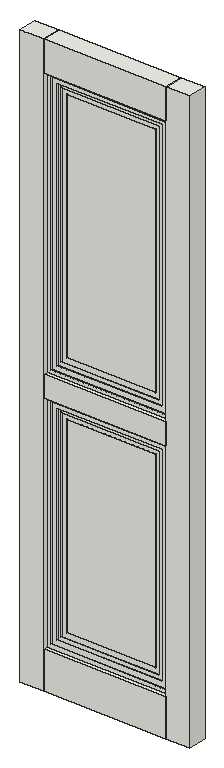
Revit family "composite-exterior-raised-panel-shutters", category Casework, Revit 2024
Family settings
  OmniClass Number = 23.40.35.00
  OmniClass Title = Casework
  Work Plane-Based = No
  Always vertical = Yes
  Cut with Voids When Loaded = No
  Shared = No
  Room Calculation Point = No
Parameters
  URL = "https://royalcorinthian.com/architectural-exterior-shutters/"
  Type Comments = "SHUTTERS"  # constant formula
  TOP RAIL HEIGHT = 3 1/4"
  SIDE RAIL WIDTH = 2 1/2"
  Model = "EXTERIOR RAISED PANEL SHUTTERS"  # constant formula
  Manufacturer = "Royal Corinthian"  # constant formula
  MATERIAL = PVC - White
  Description = "COMPOSITE EXTERIOR RAISED PANEL SHUTTERS"
  Depth = 2"
  Height = 62"
  Width = 18"
  Default Elevation = 0"
  CENTER RAIL LOCATION = 29"
  CENTER RAIL HEIGHT = 2 1/4"
  BOTTOM RAIL HEIGHT = 4"
Reference planes (in)
  plane 1: z = 0
  plane 2 "Center (Left/Right)": x = 1.75986
  plane 3 "Top": z = 62
  plane 4: y = -10.47093
  plane 5: y = -9.47093
  plane 6: y = -11.47093
  plane 7: x = -7.24014
  plane 8: x = 10.75986
  plane 9: x = -4.74014
  plane 10: x = 8.25986
  plane 11: z = 29
  plane 12: z = 58.75
  plane 13: z = 27.875
  plane 14: z = 4
  plane 15: z = 30.125
Dimensions and locks (in)
  "Height": level to plane 3 "Top"
  equal spacing: plane 5, plane 4, plane 6
  "Depth": plane 5 to plane 6
  "Width": plane 7 to plane 8
  equal spacing: plane 7, plane 2 "Center (Left/Right)", plane 8
  "SIDE RAIL WIDTH": plane 7 to plane 9
  "SIDE RAIL WIDTH": plane 10 to plane 8
  "CENTER RAIL LOCATION": plane 11 to plane 1
  equal spacing: plane 15, plane 11, plane 13
  locked: plane 3 "Top" to plane 12 at 3.25
  locked: plane 14 to plane 1 at 4
  "CENTER RAIL HEIGHT": plane 15 to plane 13
  aligned and locked: level to plane 1
  aligned and locked: plane 7 to nested 1
  aligned and locked: nested 2 to plane 8
  aligned and locked: nested 1 to plane 7
  aligned and locked: plane 4 to nested 3
  aligned and locked: nested 3 to plane 9
  aligned and locked: nested 3 to plane 11
  aligned and locked: nested 4 to plane 3 "Top"
  aligned and locked: nested 5 to plane 1
  aligned and locked: plane 10 to nested 5
  aligned and locked: plane 10 to nested 4
  aligned and locked: plane 10 to nested 3
  aligned and locked: plane 14 to nested 5
  aligned and locked: plane 13 to nested 3
  aligned and locked: plane 15 to nested 3
  aligned and locked: plane 12 to nested 4
  aligned and locked: nested 6 to plane 9
  aligned and locked: plane 13 to nested 6
  aligned and locked: plane 14 to nested 6
  aligned and locked: plane 10 to nested 6
  aligned and locked: plane 15 to nested 7
  aligned and locked: plane 12 to nested 7
  aligned and locked: plane 10 to nested 7
  aligned and locked: nested 7 to plane 9
Nested families (in)
  nested 1: "SIDES-HEADS" at (-7.75, 0.37117, 0), DEPTH <- "Depth", Height <- "Height", WIDTH <- "SIDE RAIL WIDTH", MATERIAL <- "MATERIAL", type "SIDES-HEADS 3"
    with WIDTH 2 1/2", MATERIAL PVC - White, Height 62", DEPTH 2"
  nested 2: "SIDES-HEADS" at (7.75, 0.37117, 0), DEPTH <- "Depth", Height <- "Height", WIDTH <- "SIDE RAIL WIDTH", MATERIAL <- "MATERIAL", type "SIDES-HEADS 3"
    with WIDTH 2 1/2", MATERIAL PVC - White, Height 62", DEPTH 2"
  nested 3: "SIDES-HEADS" at (-4.74014, 0.37117, 30.75986) x (0, 0, -1) z (1, 0, 0), DEPTH <- "Depth", WIDTH <- "CENTER RAIL HEIGHT", MATERIAL <- "MATERIAL", type "SIDES-HEADS 3"
    with WIDTH 2 1/4", MATERIAL PVC - White, Height 13", DEPTH 2"
  nested 4: "SIDES-HEADS" at (-4.74014, 0.37117, 62.13486) x (0, 0, -1) z (1, 0, 0), DEPTH <- "Depth", WIDTH <- "TOP RAIL HEIGHT", MATERIAL <- "MATERIAL", type "SIDES-HEADS 3"
    with WIDTH 3 1/4", MATERIAL PVC - White, Height 13", DEPTH 2"
  nested 5: "SIDES-HEADS" at (-4.74014, 0.37117, 3.75986) x (0, 0, -1) z (1, 0, 0), DEPTH <- "Depth", WIDTH <- "BOTTOM RAIL HEIGHT", MATERIAL <- "MATERIAL", type "SIDES-HEADS 3"
    with WIDTH 4", MATERIAL PVC - White, Height 13", DEPTH 2"
  nested 6: "FRENCH PANEL" at (1.75986, -10.47093, 25.24705), MATERIAL <- "MATERIAL", type "FRENCH PANEL"
    with w 13", n 30, h 23 7/8", MATERIAL PVC - White
  nested 7: "FRENCH PANEL" at (1.75986, -10.47093, 53.74705), MATERIAL <- "MATERIAL", type "FRENCH PANEL"
    with w 13", n 36, h 28 5/8", MATERIAL PVC - White
Definition of nested family "SIDES-HEADS"
  Parameters (values of type "SIDES-HEADS 3")
    WIDTH [instance] = 12.92126"
    MATERIAL [instance] = none
    Depth = 2"  # constant formula
    Height [instance] = 4"
    Width = 2.53937"
    Default Elevation = 48"
    DEPTH [instance] = 7.30373"
  Reference planes (in)
    plane 1: z = 0
    plane 2 "Center (Left/Right)": x = 1.75986
    plane 3: z = 4
    plane 4: y = -10.84209
    plane 5: x = -4.70077
    plane 6: x = 8.22049
    plane 7: y = -14.49396
    plane 8: y = -7.19023
  Forms (in)
    Extrusion 1, solid, material <- "MATERIAL"
      sketch origin (0, 0, 0) x (1, 0, 0) y (0, 1, 0)
        loop
          line (-4.70077, -14.49396) -> (8.22049, -14.49396) -> (8.22049, -7.19023) -> (-4.70077, -7.19023) -> (-4.70077, -14.49396)
      from 0 to 4
  Lines and regions (in)
    model lines, not visible
      curve 1: line (7.18925, 143.95917, 0) -> (7.18925, 143.15137, 0)
      curve 2: line (7.18925, 143.15137, 0) -> (-5.31665, 143.15137, 0)
      curve 3: line (-5.31665, 143.15137, 0) -> (-5.31665, 143.95917, 0)
      curve 4: line (-4.92295, 31.95917, 0) -> (-4.92295, 44.07613, 0)
      curve 5: line (-4.92295, 44.07613, 0) -> (-4.3324, 44.68198, 0)
      curve 6: line (6.89398, 143.15137, 0) -> (6.88503, 143.05512, 0)
      curve 7: line (6.88503, 143.05512, 0) -> (6.86552, 142.96052, 0)
      curve 8: line (6.86552, 142.96052, 0) -> (6.8357, 142.8688, 0)
      curve 9: line (6.8357, 142.8688, 0) -> (6.79596, 142.78112, 0)
      curve 10: line (6.79596, 142.78112, 0) -> (6.7468, 142.69863, 0)
      curve 11: line (6.7468, 142.69863, 0) -> (6.68885, 142.62237, 0)
      curve 12: line (6.68885, 142.62237, 0) -> (6.62287, 142.55333, 0)
      curve 13: line (6.62287, 142.55333, 0) -> (6.54969, 142.49239, 0)
      curve 14: line (6.54969, 142.49239, 0) -> (6.47027, 142.44034, 0)
      curve 15: line (6.47027, 142.44034, 0) -> (6.38561, 142.39784, 0)
      curve 16: line (6.38561, 142.39784, 0) -> (6.29681, 142.36545, 0)
      curve 17: line (6.29681, 142.36545, 0) -> (6.205, 142.34357, 0)
      curve 18: line (6.205, 142.34357, 0) -> (-4.3324, 142.34357, 0)
      curve 19: line (-4.3324, 142.34357, 0) -> (-4.4242, 142.36545, 0)
      curve 20: line (-4.4242, 142.36545, 0) -> (-4.51301, 142.39784, 0)
      curve 21: line (-4.51301, 142.39784, 0) -> (-4.59766, 142.44034, 0)
      curve 22: line (-4.59766, 142.44034, 0) -> (-4.67709, 142.49239, 0)
      curve 23: line (-4.67709, 142.49239, 0) -> (-4.75027, 142.55333, 0)
      curve 24: line (-4.75027, 142.55333, 0) -> (-4.81625, 142.62237, 0)
      curve 25: line (-4.81625, 142.62237, 0) -> (-4.87419, 142.69863, 0)
      curve 26: line (-4.87419, 142.69863, 0) -> (-4.92335, 142.78112, 0)
      curve 27: line (-4.92335, 142.78112, 0) -> (-4.9631, 142.8688, 0)
      curve 28: line (-4.9631, 142.8688, 0) -> (-4.99292, 142.96052, 0)
      curve 29: line (-4.99292, 142.96052, 0) -> (-5.01243, 143.05512, 0)
      curve 30: line (-5.01243, 143.05512, 0) -> (-5.02138, 143.15137, 0)
      curve 31: line (6.79555, 31.95917, 0) -> (6.79555, 44.07613, 0)
      curve 32: line (6.79555, 44.07613, 0) -> (6.205, 44.68198, 0)
      curve 33: line (6.205, 44.68198, 0) -> (-4.3324, 44.68198, 0)
      curve 34: line (-4.3324, 44.68198, 0) -> (-4.45977, 44.69918, 0)
      curve 35: line (-4.45977, 44.69918, 0) -> (-4.57846, 44.74962, 0)
      curve 36: line (-4.57846, 44.74962, 0) -> (-4.68038, 44.82985, 0)
      curve 37: line (-4.68038, 44.82985, 0) -> (-4.75859, 44.93442, 0)
      curve 38: line (-4.75859, 44.93442, 0) -> (-4.80776, 45.05618, 0)
      curve 39: line (-4.80776, 45.05618, 0) -> (-4.82453, 45.18685, 0)
      curve 40: line (-4.82453, 45.18685, 0) -> (-4.80776, 45.31753, 0)
      curve 41: line (-4.80776, 45.31753, 0) -> (-4.75859, 45.43929, 0)
      curve 42: line (-4.75859, 45.43929, 0) -> (-4.68038, 45.54385, 0)
      curve 43: line (-4.68038, 45.54385, 0) -> (-4.57846, 45.62409, 0)
      curve 44: line (-4.57846, 45.62409, 0) -> (-4.45977, 45.67452, 0)
      curve 45: line (-4.45977, 45.67452, 0) -> (-4.3324, 45.69173, 0)
      curve 46: line (-4.3324, 45.69173, 0) -> (6.205, 45.69173, 0)
      curve 47: line (6.205, 45.69173, 0) -> (6.33237, 45.67452, 0)
      curve 48: line (6.33237, 45.67452, 0) -> (6.45107, 45.62409, 0)
      curve 49: line (6.45107, 45.62409, 0) -> (6.55299, 45.54385, 0)
      curve 50: line (6.55299, 45.54385, 0) -> (6.6312, 45.43929, 0)
      curve 51: line (6.6312, 45.43929, 0) -> (6.68036, 45.31753, 0)
      curve 52: line (6.68036, 45.31753, 0) -> (6.69713, 45.18685, 0)
      curve 53: line (6.69713, 45.18685, 0) -> (6.68036, 45.05618, 0)
      curve 54: line (6.68036, 45.05618, 0) -> (6.6312, 44.93442, 0)
      curve 55: line (6.6312, 44.93442, 0) -> (6.55299, 44.82985, 0)
      curve 56: line (6.205, 135.47729, 0) -> (-4.3324, 135.47729, 0)
      curve 57: line (-4.3324, 135.47729, 0) -> (-4.43575, 135.48257, 0)
      curve 58: line (-4.43575, 135.48257, 0) -> (-4.5375, 135.50195, 0)
      curve 59: line (-4.5375, 135.50195, 0) -> (-4.63581, 135.53507, 0)
      curve 60: line (-4.63581, 135.53507, 0) -> (-4.72895, 135.58134, 0)
      curve 61: line (-4.72895, 135.58134, 0) -> (-4.81523, 135.63995, 0)
      curve 62: line (-4.81523, 135.63995, 0) -> (-4.89313, 135.70983, 0)
      curve 63: line (-4.89313, 135.70983, 0) -> (-4.96125, 135.78975, 0)
      curve 64: line (-4.96125, 135.78975, 0) -> (-5.01838, 135.87827, 0)
      curve 65: line (-5.01838, 135.87827, 0) -> (-5.06348, 135.97381, 0)
      curve 66: line (-5.06348, 135.97381, 0) -> (-5.09577, 136.07468, 0)
      curve 67: line (-5.09577, 136.07468, 0) -> (-5.11465, 136.17906, 0)
      curve 68: line (-5.11465, 136.17906, 0) -> (-5.1198, 136.28509, 0)
      curve 69: line (-5.1198, 136.28509, 0) -> (6.9924, 136.28509, 0)
      curve 70: line (6.9924, 136.28509, 0) -> (6.98725, 136.17906, 0)
      curve 71: line (6.98725, 136.17906, 0) -> (6.96837, 136.07468, 0)
      curve 72: line (6.96837, 136.07468, 0) -> (6.93609, 135.97381, 0)
      curve 73: line (6.93609, 135.97381, 0) -> (6.89098, 135.87827, 0)
      curve 74: line (6.89098, 135.87827, 0) -> (6.83386, 135.78975, 0)
      curve 75: line (6.83386, 135.78975, 0) -> (6.76574, 135.70983, 0)
      curve 76: line (6.76574, 135.70983, 0) -> (6.68784, 135.63995, 0)
      curve 77: line (6.68784, 135.63995, 0) -> (6.60155, 135.58134, 0)
      curve 78: line (6.60155, 135.58134, 0) -> (6.50842, 135.53507, 0)
      curve 79: line (6.50842, 135.53507, 0) -> (6.4101, 135.50195, 0)
      curve 80: line (6.4101, 135.50195, 0) -> (6.30836, 135.48257, 0)
      curve 81: line (6.30836, 135.48257, 0) -> (6.205, 135.47729, 0)
      curve 82: line (6.205, 135.47729, 0) -> (6.205, 135.07339, 0)
      curve 83: line (6.205, 135.07339, 0) -> (6.15361, 135.06994, 0)
      curve 84: line (6.15361, 135.06994, 0) -> (6.10311, 135.05963, 0)
      curve 85: line (6.10311, 135.05963, 0) -> (6.05434, 135.04265, 0)
      curve 86: line (6.05434, 135.04265, 0) -> (6.00815, 135.01928, 0)
      curve 87: line (6.00815, 135.01928, 0) -> (5.96533, 134.98993, 0)
      curve 88: line (5.96533, 134.98993, 0) -> (5.92661, 134.95509, 0)
      curve 89: line (5.92661, 134.95509, 0) -> (5.89266, 134.91537, 0)
      curve 90: line (5.89266, 134.91537, 0) -> (5.86405, 134.87144, 0)
      curve 91: line (5.86405, 134.87144, 0) -> (5.84127, 134.82406, 0)
      curve 92: line (5.84127, 134.82406, 0) -> (5.82472, 134.77403, 0)
      curve 93: line (5.82472, 134.77403, 0) -> (5.81467, 134.72221, 0)
      curve 94: line (5.81467, 134.72221, 0) -> (5.8113, 134.66949, 0)
      curve 95: line (5.8113, 134.66949, 0) -> (5.8113, 46.49953, 0)
      curve 96: line (5.8113, 46.49953, 0) -> (5.81467, 46.44681, 0)
      curve 97: line (5.81467, 46.44681, 0) -> (5.82472, 46.39499, 0)
      curve 98: line (5.82472, 46.39499, 0) -> (5.84127, 46.34496, 0)
      curve 99: line (5.84127, 46.34496, 0) -> (5.86405, 46.29758, 0)
      curve 100: line (5.86405, 46.29758, 0) -> (5.89266, 46.25365, 0)
      curve 101: line (5.89266, 46.25365, 0) -> (5.92661, 46.21393, 0)
      curve 102: line (5.92661, 46.21393, 0) -> (5.96533, 46.17909, 0)
      curve 103: line (5.96533, 46.17909, 0) -> (6.00815, 46.14974, 0)
      curve 104: line (6.00815, 46.14974, 0) -> (6.05434, 46.12637, 0)
      curve 105: line (6.05434, 46.12637, 0) -> (6.10311, 46.10939, 0)
      curve 106: line (6.10311, 46.10939, 0) -> (6.15361, 46.09908, 0)
      curve 107: line (6.15361, 46.09908, 0) -> (6.205, 46.09563, 0)
      curve 108: line (6.205, 46.09563, 0) -> (-4.3324, 46.09563, 0)
      curve 109: line (-4.3324, 46.09563, 0) -> (-4.3324, 45.69173, 0)
      curve 110: line (6.55299, 44.82985, 0) -> (6.45107, 44.74962, 0)
      curve 111: line (6.45107, 44.74962, 0) -> (6.33237, 44.69918, 0)
      curve 112: line (6.33237, 44.69918, 0) -> (6.205, 44.68198, 0)
      curve 113: line (6.205, 135.07339, 0) -> (-4.3324, 135.07339, 0)
      curve 114: line (-4.3324, 135.07339, 0) -> (-4.3324, 135.47729, 0)
      curve 115: line (6.205, 142.34357, 0) -> (6.205, 141.93967, 0)
      curve 116: line (6.205, 141.93967, 0) -> (-4.3324, 141.93967, 0)
      curve 117: line (-4.3324, 141.93967, 0) -> (-4.3324, 142.34357, 0)
      curve 118: line (-4.3324, 46.09563, 0) -> (-4.28101, 46.09908, 0)
      curve 119: line (-4.28101, 46.09908, 0) -> (-4.2305, 46.10939, 0)
      curve 120: line (-4.2305, 46.10939, 0) -> (-4.18174, 46.12637, 0)
      curve 121: line (-4.18174, 46.12637, 0) -> (-4.13555, 46.14974, 0)
      curve 122: line (-4.13555, 46.14974, 0) -> (-4.09273, 46.17909, 0)
      curve 123: line (-4.09273, 46.17909, 0) -> (-4.05401, 46.21393, 0)
      curve 124: line (-4.05401, 46.21393, 0) -> (-4.02006, 46.25365, 0)
      curve 125: line (-4.02006, 46.25365, 0) -> (-3.99144, 46.29758, 0)
      curve 126: line (-3.99144, 46.29758, 0) -> (-3.96867, 46.34496, 0)
      curve 127: line (-3.96867, 46.34496, 0) -> (-3.95211, 46.39499, 0)
      curve 128: line (-3.95211, 46.39499, 0) -> (-3.94207, 46.44681, 0)
      curve 129: line (6.205, 45.69173, 0) -> (6.205, 46.09563, 0)
      curve 130: line (-3.94207, 46.44681, 0) -> (-3.9387, 46.49953, 0)
      curve 131: line (-3.9387, 46.49953, 0) -> (-3.9387, 134.66949, 0)
      curve 132: line (-3.9387, 134.66949, 0) -> (-3.94207, 134.72221, 0)
      curve 133: line (-3.94207, 134.72221, 0) -> (-3.95211, 134.77403, 0)
      curve 134: line (-3.95211, 134.77403, 0) -> (-3.96867, 134.82406, 0)
      curve 135: line (-3.96867, 134.82406, 0) -> (-3.99144, 134.87144, 0)
      curve 136: line (-3.99144, 134.87144, 0) -> (-4.02006, 134.91537, 0)
      curve 137: line (-4.02006, 134.91537, 0) -> (-4.05401, 134.95509, 0)
      curve 138: line (-4.05401, 134.95509, 0) -> (-4.09273, 134.98993, 0)
      curve 139: line (-4.09273, 134.98993, 0) -> (-4.13555, 135.01928, 0)
      curve 140: line (-4.13555, 135.01928, 0) -> (-4.18174, 135.04265, 0)
      curve 141: line (-4.18174, 135.04265, 0) -> (-4.2305, 135.05963, 0)
      curve 142: line (-4.2305, 135.05963, 0) -> (-4.28101, 135.06994, 0)
      curve 143: line (-4.28101, 135.06994, 0) -> (-4.3324, 135.07339, 0)
      curve 144: line (6.205, 141.93967, 0) -> (6.15361, 141.93622, 0)
      curve 145: line (6.15361, 141.93622, 0) -> (6.10311, 141.92591, 0)
      curve 146: line (6.10311, 141.92591, 0) -> (6.05434, 141.90893, 0)
      curve 147: line (6.05434, 141.90893, 0) -> (6.00815, 141.88556, 0)
      curve 148: line (6.00815, 141.88556, 0) -> (5.96533, 141.85621, 0)
      curve 149: line (-3.9387, 136.28509, 0) -> (-3.9387, 141.53577, 0)
      curve 150: line (-3.9387, 141.53577, 0) -> (-3.94207, 141.58849, 0)
      curve 151: line (-3.94207, 141.58849, 0) -> (-3.95211, 141.64031, 0)
      curve 152: line (-3.95211, 141.64031, 0) -> (-3.96867, 141.69034, 0)
      curve 153: line (-3.96867, 141.69034, 0) -> (-3.99144, 141.73772, 0)
      curve 154: line (-3.99144, 141.73772, 0) -> (-4.02006, 141.78165, 0)
      curve 155: line (-4.02006, 141.78165, 0) -> (-4.05401, 141.82137, 0)
      curve 156: line (-4.05401, 141.82137, 0) -> (-4.09273, 141.85621, 0)
      curve 157: line (-4.09273, 141.85621, 0) -> (-4.13555, 141.88556, 0)
      curve 158: line (-4.13555, 141.88556, 0) -> (-4.18174, 141.90893, 0)
      curve 159: line (-4.18174, 141.90893, 0) -> (-4.2305, 141.92591, 0)
      curve 160: line (-4.2305, 141.92591, 0) -> (-4.28101, 141.93622, 0)
      curve 161: line (-4.28101, 141.93622, 0) -> (-4.3324, 141.93967, 0)
      curve 162: line (5.8113, 136.28509, 0) -> (5.8113, 141.53577, 0)
      curve 163: line (5.8113, 141.53577, 0) -> (5.81467, 141.58849, 0)
      curve 164: line (5.81467, 141.58849, 0) -> (5.82472, 141.64031, 0)
      curve 165: line (5.82472, 141.64031, 0) -> (5.84127, 141.69034, 0)
      curve 166: line (5.84127, 141.69034, 0) -> (5.86405, 141.73772, 0)
      curve 167: line (5.86405, 141.73772, 0) -> (5.89266, 141.78165, 0)
      curve 168: line (5.89266, 141.78165, 0) -> (5.92661, 141.82137, 0)
      curve 169: line (5.92661, 141.82137, 0) -> (5.96533, 141.85621, 0)
      curve 170: line (-5.31665, 143.95917, 0) -> (7.18925, 143.95917, 0)
      curve 171: line (-4.92295, 31.95917, 0) -> (6.79555, 31.95917, 0)
  Dimensions and locks (in)
    "Height": plane 3 to plane 1
    "DEPTH": plane 7 to plane 8
    "WIDTH": plane 5 to plane 6
    equal spacing: plane 5, plane 2 "Center (Left/Right)", plane 6
    equal spacing: plane 7, plane 4, plane 8
    aligned and locked: level to plane 1
    aligned and locked: Extrusion 1 to plane 7
    aligned and locked: plane 8 to Extrusion 1
    aligned and locked: Extrusion 1 sketch curve to plane 5
    aligned and locked: plane 7 to Extrusion 1 sketch curve
    aligned and locked: plane 6 to Extrusion 1 sketch curve
    aligned and locked: plane 8 to Extrusion 1 sketch curve
    aligned and locked: plane 3 to Extrusion 1
Definition of nested family "FRENCH PANEL"
  Parameters (values of type "FRENCH PANEL")
    w [instance] = 13"
    n [instance] = h / 0.7874"  # 36
    h [instance] = 28 5/8"
    MATERIAL [instance] = none
    Default Elevation = 0"
  Reference planes (in)
    plane 1 "Center (Front/Back)": y = 0
    plane 2: z = -9.30955
    plane 3 "Center (Left/Right)": x = 0
    plane 4: x = -6.5
    plane 5: x = 6.5
    plane 6: z = 5.00295
    plane 7: z = -23.62205
  Forms (in)
    Sweep 1, solid, material <- "MATERIAL"
      path origin (0, 0, 0) x (1, 0, 0) y (0, 0, 1)
        loop
          line (-6.5, 5.00295) -> (-6.5, -23.62205) -> (6.5, -23.62205) -> (6.5, 5.00295) -> (-6.5, 5.00295)
      profile origin (0, 0, 5.00295) x (0, 0, 1) y (0, -1, 0)
        loop
          line (0, 0) -> (0, 0.52854) -> (-0.375, 0.52854) -> (-0.375, 0.38927) -> (-0.875, 0.38927) -> (-0.875, 0.25) -> (-1.25, 0.25) -> (-1.25, 0.11073) -> (-1.75, 0.11073) -> (-1.75, -0.11073) -> (-1.25, -0.11073) -> (-1.25, -0.25) -> (-0.875, -0.25) -> (-0.875, -0.38927) -> (-0.375, -0.38927) -> (-0.375, -0.52854) -> (0, -0.52854) -> (0, 0)
    Extrusion 2, solid, material <- "MATERIAL"
      sketch origin (-4.75, -0.11073, 3.25295) x (1, 0, 0) y (0, 0, 1)
        loop
          line (0, 0) -> (0, -25.125) -> (9.5, -25.125) -> (9.5, 0) -> (0, 0)
      from 0 to -0.22146
  Dimensions and locks (in)
    equal spacing: plane 4, plane 3 "Center (Left/Right)", plane 5
    "w": plane 4 to plane 5
    equal spacing: plane 6, plane 2, plane 7
    "h": plane 6 to plane 7
    aligned and locked: Sweep 1 sketch curve to plane 6
    aligned and locked: Sweep 1 sketch curve to plane 4
    aligned and locked: plane 7 to Sweep 1 sketch curve
    aligned and locked: Sweep 1 sketch curve to plane 5
    aligned and locked: Extrusion 2 sketch curve to Sweep 1  (x4)
  Automatic sketch dimensions
    profile plane to Sweep 1 sketch curve = 0"
    Sweep 1 sketch curve to plane 1 "Center (Front/Back)" = 0"
    profile plane to Sweep 1 sketch curve = 3/8"  (x2)
    Sweep 1 sketch curve to plane 1 "Center (Front/Back)" = 1/4"
    Sweep 1 sketch curve to Sweep 1 sketch curve = 1/2"  (x3)
    Sweep 1 sketch curve to Sweep 1 sketch curve = 3/8"
    Sweep 1 sketch curve to Sweep 1 sketch curve = 0"
    Sweep 1 sketch curve to Sweep 1 sketch curve = 0.13927"  (x5)
    Sweep 1 sketch curve to plane 1 "Center (Front/Back)" = 0.11073"
    plane 1 "Center (Front/Back)" to Sweep 1 sketch curve = 0.11073"
